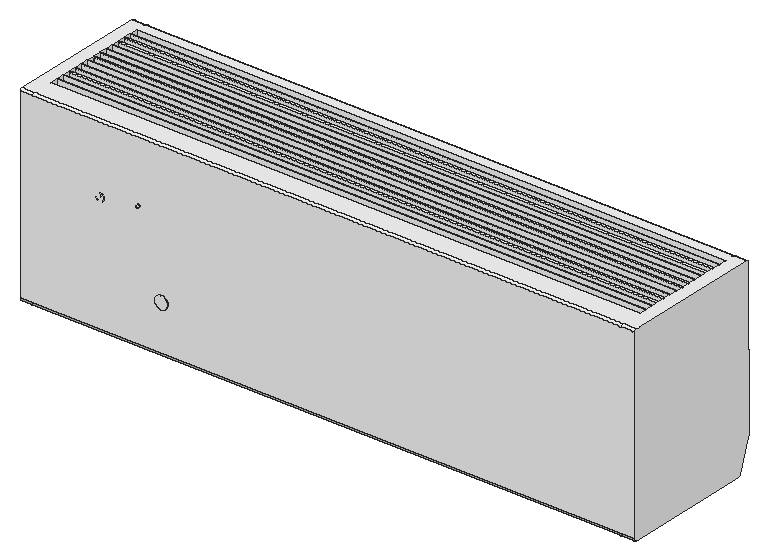
Revit family "Gree products_Split mural_Mural Design_GMV50", category Equipement de génie climatique, Revit 2019
Family settings
  Hôte = Mur
  Cote de connecteur circulaire = Utiliser le rayon
  Type d'élément = Normal
  Numéro OmniClass = 23.75.70.21.21
  Titre OmniClass = Local Air-Conditioning Units
  Toujours verticalement = Oui
  Couper avec des vides une fois chargée = Non
  Partagée = Non
  Point de calcul de pièce = Non
Parameters (values of type "Split mural GMV5 M Design 50 de Gree Products. 5000 - 5600 W")
  URL = "https://greeproducts.es/gama-productos/industrial/mural-design/"
  Tubería drenaje_R = Tubería drenaje_D / 2  # 10 mm
  Tubería drenaje_D = 20 mm
  Símbolo_Texto modelo = yes
  Símbolo = yes
  Sound pressure Minimum = 37
  Sound pressure Maximum = 43
  Refrigerant lines Liquid = 6.35 mm
  Refrigerant lines Gas = 12.7 mm
  Product Code = "3IGR4012"
  Power output Heating = 5600 W
  Power output Cooling = 5000 W
  Poids Net = 12.50 kg
  Poids Brut = 15.50 kg
  Packaging Width = 320 mm
  Packaging Length = 1096 mm
  Packaging Height = 383 mm
  Overall Width = 224 mm
  Overall Length = 970 mm
  Overall Height = 300 mm
  Number of Poles = 1
  Modèle = "GMV5 M Design 50"
  Minimum Voltage = 220 V
  Minimum Air Flow = 500.0 m³/h
  Maximum Voltage = 240 V
  Maximum Air Flow = 850.0 m³/h
  Mat_01 = Gree Products_Metal blanco
  Input current Heating = 0.17 A
  Input current Cooling = 0.17 A
  Gross Weight = 15.50 kg
  Frequency = 50 Hz
  Fabricant = "Gree Products"  # constant formula
  Description = "Dimensiones: 970x300x224 mm. Potencia calorífica 5.6 kW; potencia frigorífica 5 kW; consumo eléctrico 0.035 kW; alimentación monofásica (220 - 240 V / 50 Hz); refrigerante R410A; conexión líquido 1/4 \"; conexión gas 1/2 \"; diámetro exterior tubería de drenaje 20 mm; grosor tubería de drenaje 1.5 mm; caudal de aire 500 ~ 850 m³/h; presión sonora 37 ~ 43 dB(A); peso neto 12.5 kg; peso bruto 15.5 kg."
  Conexión líquido_R = Conexión líquido_D / 2  # 3.2 mm
  Conexión líquido_D = 6.4 mm
  Conexión gas_R = Conexión gas_D / 2  # 6.35 mm
  Conexión gas_D = 12.7 mm
  Condensate tube thickness = 1.5 mm
  Condensate tube outside diameter = 20 mm
  Commentaires du type = "Unidades Interiores GMV.\r\nCaracterísticas principales:\r\n\r\n    De 2,2 kW a 7,1 kW\r\n    Fácil mantenimiento\r\n    Turbo Cooling\r\n    7 Velocidades\r\n    Presión sonora de 30 dB a 44  dB\r\n\r\nLa serie de murales de GMV se moderniza e integra el diseño de la gama doméstica con una estética minimalista y las mejores prestaciones con potencias que van desde 1,5 a 7,1 kW, y con un consumo de tan solo 20 W."  # constant formula
  BC_VARIANT_ID = "243211"
  BC_OBJECT_VERSION = "#1"  # constant formula
  BC_OBJECT_ID = "40361"  # constant formula
  BC_MODEL_ID = "359504"  # constant formula
  Altura colocación = 2300 mm
  Absorbed power at nominal conditions = 35 W
Types (9, lengths in mm): name | Tubería drenaje_R | Tubería drenaje_D | Sound pressure Minimum | Sound pressure Maximum | Refrigerant lines Liquid | Refrigerant lines Gas | Product Code | Power output Heating | Power output Cooling | Poids Net | Poids Brut | Packaging Width | Packaging Length | Packaging Height | Overall Width | Overall Length | Overall Height | Modèle | Minimum Air Flow | Maximum Air Flow | Input current Heating | Input current Cooling | Gross Weight | Description | Conexión líquido_R | Conexión líquido_D | Conexión gas_R | Conexión gas_D | Condensate tube outside diameter | BC_VARIANT_ID | Absorbed power at nominal conditions
  Split mural GMV5 M Design 50 de Gree Products. 5000 - 5600 W | 10 | 20 | 37 | 43 | 6.35 | 12.7 | "3IGR4012" | 5600 W | 5000 W | 12.50 kg | 15.50 kg | 320 | 1096 | 383 | 224 | 970 | 300 | "GMV5 M Design 50" | 500.0 m³/h | 850.0 m³/h | 0.17 A | 0.17 A | 15.50 kg | "Dimensiones: 970x300x224 mm. Potencia calorífica 5.6 kW; potencia frigorífica 5 kW; consumo eléctrico 0.035 kW; alimentación monofásica (220 - 240 V / 50 Hz); refrigerante R410A; conexión líquido 1/4 \"; conexión gas 1/2 \"; diámetro exterior tubería de drenaje 20 mm; grosor tubería de drenaje 1.5 mm; caudal de aire 500 ~ 850 m³/h; presión sonora 37 ~ 43 dB(A); peso neto 12.5 kg; peso bruto 15.5 kg." | 3.2 | 6.4 | 6.35 | 12.7 | 20 | "243211" | 35 W
  Split mural GMV5 M Design 71 de Gree Products. 7100 - 7500 W | 15 | 30 | 37 | 44 | 9.53 | 15.88 | "3IGR4015" | 7500 W | 7100 W | 16.00 kg | 19.00 kg | 350 | 1203 | 413 | 246 | 1078 | 325 | "GMV5 M Design 71" | 650.0 m³/h | 1200.0 m³/h | 0.31 A | 0.31 A | 19.00 kg | "Dimensiones: 1078x325x246 mm. Potencia calorífica 7.5 kW; potencia frigorífica 7.1 kW; consumo eléctrico 0.065 kW; alimentación monofásica (220 - 240 V / 50 Hz); refrigerante R410A; conexión líquido 3/8 \"; conexión gas 5/8 \"; diámetro exterior tubería de drenaje 30 mm; grosor tubería de drenaje 1.5 mm; caudal de aire 650 ~ 1100 m³/h; presión sonora 37 ~ 44 dB(A); peso neto 16 kg; peso bruto 19 kg." | 4.75 | 9.5 | 7.95 | 15.9 | 30 | "243210" | 65 W
  Split mural GMV5 M Design 63 de Gree Products. 6300 - 7100 W | 15 | 30 | 37 | 43 | 9.53 | 15.88 | "3IGR4014" | 7100 W | 6300 W | 16.00 kg | 19.00 kg | 350 | 1203 | 413 | 246 | 1078 | 325 | "GMV5 M Design 63" | 650.0 m³/h | 1100.0 m³/h | 0.24 A | 0.24 A | 19.00 kg | "Dimensiones: 1078x325x246 mm. Potencia calorífica 7.1 kW; potencia frigorífica 6.3 kW; consumo eléctrico 0.05 kW; alimentación monofásica (220 - 240 V / 50 Hz); refrigerante R410A; conexión líquido 3/8 \"; conexión gas 5/8 \"; diámetro exterior tubería de drenaje 30 mm; grosor tubería de drenaje 1.5 mm; caudal de aire 650 ~ 1100 m³/h; presión sonora 37 ~ 43 dB(A); peso neto 16 kg; peso bruto 19 kg." | 4.75 | 9.5 | 7.95 | 15.9 | 30 | "243212" | 50 W
  Split mural GMV5 M Design 56 de Gree Products. 5600 - 6300 W | 15 | 30 | 37 | 43 | 9.53 | 15.88 | "3IGR4013" | 6300 W | 5600 W | 16.00 kg | 19.00 kg | 350 | 1203 | 413 | 246 | 1078 | 325 | "GMV5 M Design 56" | 650.0 m³/h | 1100.0 m³/h | 0.24 A | 0.24 A | 19.00 kg | "Dimensiones: 1078x325x246 mm. Potencia calorífica 6.3 kW; potencia frigorífica 5.6 kW; consumo eléctrico 0.05 kW; alimentación monofásica (220 - 240 V / 50 Hz); refrigerante R410A; conexión líquido 3/8 \"; conexión gas 5/8 \"; diámetro exterior tubería de drenaje 30 mm; grosor tubería de drenaje 1.5 mm; caudal de aire 650 ~ 1100 m³/h; presión sonora 37 ~ 43 dB(A); peso neto 16 kg; peso bruto 19 kg." | 4.75 | 9.5 | 7.95 | 15.9 | 30 | "243213" | 50 W
  Split mural GMV5 M Design 45 de Gree Products. 4500 - 5000 W | 10 | 20 | 37 | 43 | 6.35 | 12.7 | "3IGR4011" | 5000 W | 4500 W | 12.50 kg | 15.50 kg | 320 | 1096 | 383 | 224 | 970 | 300 | "GMV5 M Design 45" | 500.0 m³/h | 850.0 m³/h | 0.17 A | 0.17 A | 15.50 kg | "Dimensiones: 970x300x224 mm. Potencia calorífica 5 kW; potencia frigorífica 4.5 kW; consumo eléctrico 0.035 kW; alimentación monofásica (220 - 240 V / 50 Hz); refrigerante R410A; conexión líquido 1/4 \"; conexión gas 1/2 \"; diámetro exterior tubería de drenaje 20 mm; grosor tubería de drenaje 1.5 mm; caudal de aire 500 ~ 850 m³/h; presión sonora 37 ~ 43 dB(A); peso neto 12.5 kg; peso bruto 15.5 kg." | 3.2 | 6.4 | 6.35 | 12.7 | 20 | "243215" | 35 W
  Split mural GMV5 M Design 36 de Gree Products. 3600 - 4000 W | 10 | 20 | 31 | 38 | 6.35 | 12.7 | "3IGR4010" | 4000 W | 3600 W | 10.00 kg | 12.50 kg | 281 | 976 | 379 | 209 | 845 | 289 | "GMV5 M Design 36" | 320.0 m³/h | 630.0 m³/h | 0.12 A | 0.12 A | 12.50 kg | "Dimensiones: 845x289x209 mm. Potencia calorífica 4 kW; potencia frigorífica 3.6 kW; consumo eléctrico 0.025 kW; alimentación monofásica (220 - 240 V / 50 Hz); refrigerante R410A; conexión líquido 1/4 \"; conexión gas 1/2 \"; diámetro exterior tubería de drenaje 20 mm; grosor tubería de drenaje 1.5 mm; caudal de aire 320 ~ 630 m³/h; presión sonora 31 ~ 38 dB(A); peso neto 10 kg; peso bruto 12.5 kg." | 3.2 | 6.4 | 6.35 | 12.7 | 20 | "243216" | 25 W
  Split mural GMV5 M Design 28 de Gree Products. 2800 - 3200 W | 10 | 20 | 30 | 35 | 6.35 | 9.53 | "3IGR4009" | 3200 W | 2800 W | 10.00 kg | 12.50 kg | 281 | 976 | 379 | 209 | 845 | 289 | "GMV5 M Design 28" | 300.0 m³/h | 500.0 m³/h | 0.1 A | 0.1 A | 12.50 kg | "Dimensiones: 845x289x209 mm. Potencia calorífica 3.2 kW; potencia frigorífica 2.8 kW; consumo eléctrico 0.02 kW; alimentación monofásica (220 - 240 V / 50 Hz); refrigerante R410A; conexión líquido 1/4 \"; conexión gas 3/8 \"; diámetro exterior tubería de drenaje 20 mm; grosor tubería de drenaje 1.5 mm; caudal de aire 300 ~ 500 m³/h; presión sonora 30 ~ 55 dB(A); peso neto 10 kg; peso bruto 12.5 kg." | 3.2 | 6.4 | 4.75 | 9.5 | 20 | "243217" | 20 W
  Split mural GMV5 M Design 22 de Gree Products. 2200 - 2500 W | 10 | 20 | 30 | 35 | 6.35 | 9.53 | "3IGR4008" | 2500 W | 2200 W | 10.00 kg | 12.50 kg | 281 | 976 | 379 | 209 | 845 | 289 | "GMV5 M Design 22" | 300.0 m³/h | 500.0 m³/h | 0.1 A | 0.1 A | 12.50 kg | "Dimensiones: 845x289x209 mm. Potencia calorífica 2.5 kW; potencia frigorífica 2.2 kW; consumo eléctrico 0.02 kW; alimentación monofásica (220 - 240 V / 50 Hz); refrigerante R410A; conexión líquido 1/4 \"; conexión gas 3/8 \"; diámetro exterior tubería de drenaje 20 mm; grosor tubería de drenaje 1.5 mm; caudal de aire 300 ~ 500 m³/h; presión sonora 30 ~ 55 dB(A); peso neto 10 kg; peso bruto 12.5 kg." | 3.2 | 6.4 | 4.75 | 9.5 | 20 | "243214" | 20 W
  Split mural GMV5 M Design 15 de Gree Products. 1500 - 2000 W | 10 | 20 | 30 | 35 | 6.35 | 9.53 | "3IGR4017" | 2000 W | 1500 W | 10.00 kg | 12.50 kg | 281 | 976 | 379 | 209 | 845 | 289 | "GMV5 M Design 15" | 300.0 m³/h | 500.0 m³/h | 0.1 A | 0.1 A | 12.50 kg | "Dimensiones: 845x289x209 mm. Potencia calorífica 2 kW; potencia frigorífica 1.5 kW; consumo eléctrico 0.02 kW; alimentación monofásica (220 - 240 V / 50 Hz); refrigerante R410A; conexión líquido 1/4 \"; conexión gas 3/8 \"; diámetro exterior tubería de drenaje 20 mm; grosor tubería de drenaje 1.5 mm; caudal de aire 300 ~ 500 m³/h; presión sonora 30 ~ 55 dB(A); peso neto 10 kg; peso bruto 12.5 kg." | 3.2 | 6.4 | 4.75 | 9.5 | 20 | "253511" | 20 W
Reference planes
  plane 1 "Muro": y = 0
  plane 2 "Centro (Izquierda/Derecha)": x = 0
  plane 3 "Posterior": y = 75
  plane 4: z = 2300
  plane 5: z = 2600
  plane 6: x = 485
  plane 7: x = -485
  plane 8: y = 299
  plane 9: x = 465
  plane 10: x = -465
  plane 11: y = 279
Forms (mm)
  Extrusion 1, solid, material "Gree Products_Metal blanco" <- "Mat_01", detail levels medium+fine
    sketch origin (465, 75, 2585.045) x (0, 0, -1) y (1, 0, 0)
      loop
        circle (93.99, -824.123) r 6.35
      loop
        circle (85.45, -764.94) r 3.2
      loop
        circle (209.636, -727.451) r 10
    from 0 to -23.194
  Extrusion 2, solid, material "Gree Products_Metal blanco" <- "Mat_01", detail levels medium+fine
    sketch origin (465, 225, 2891.514) x (0, 0, 1) y (0, 1, 0)
      loop
        arc (-591.514, -146.464) -> (-590.478, -148.964) -> (-587.978, -150) r 3.536
        line (-587.978, -150) -> (-295.049, -150)
        arc (-295.049, -150) -> (-292.549, -148.964) -> (-291.514, -146.464) r 3.536
        line (-291.514, -146.464) -> (-291.514, -114.051) -> (-306.514, -114.051) -> (-306.514, -103.443) -> (-291.514, -103.443) -> (-291.514, -101.94) -> (-306.514, -101.94) -> (-306.514, -91.332) -> (-291.514, -91.332) -> (-291.514, -89.829) -> (-306.514, -89.829) -> (-306.514, -79.221) -> (-291.514, -79.221) -> (-291.514, -77.718) -> (-306.514, -77.718) -> (-306.514, -67.11) -> (-291.514, -67.11) -> (-291.514, -65.607) -> (-306.514, -65.607) -> (-306.514, -54.999) -> (-291.514, -54.999) -> (-291.514, -53.496) -> (-306.514, -53.496) -> (-306.514, -42.888) -> (-291.514, -42.888) -> (-291.514, -41.385) -> (-306.514, -41.385) -> (-306.514, -30.777) -> (-291.514, -30.777) -> (-291.514, -29.274) -> (-306.514, -29.274) -> (-306.514, -18.666) -> (-291.514, -18.666) -> (-291.514, -17.163) -> (-306.514, -17.163) -> (-306.514, -6.555) -> (-291.514, -6.555) -> (-291.514, -5.052) -> (-306.514, -5.052) -> (-306.514, 5.556) -> (-291.514, 5.556) -> (-291.514, 7.059) -> (-306.514, 7.059) -> (-306.514, 17.667) -> (-291.514, 17.667) -> (-291.514, 19.17) -> (-306.514, 19.17) -> (-306.514, 29.778) -> (-291.514, 29.778) -> (-291.514, 31.281) -> (-306.514, 31.281) -> (-306.514, 41.889) -> (-291.514, 41.889) -> (-291.514, 43.392) -> (-306.514, 43.392) -> (-306.514, 54) -> (-291.514, 54) -> (-291.514, 70.464)
        arc (-291.514, 70.464) -> (-292.549, 72.964) -> (-295.049, 74) r 3.536
        line (-295.049, 74) -> (-539.45, 74)
        arc (-539.45, 74) -> (-540.993, 73.652) -> (-542.507, 73.193) r 21.566
        line (-542.507, 73.193) -> (-587.978, 57.536)
        arc (-587.978, 57.536) -> (-590.019, 56.04) -> (-591.514, 54) r 8.298
        line (-591.514, 54) -> (-591.514, -146.464)
    from 0 to 930
  Extrusion 3, solid, material "Gree Products_Metal blanco" <- "Mat_01", detail levels medium+fine
    sketch origin (465, 225, 2891.514) x (0, 0, 1) y (0, 1, 0)
      loop
        arc (-295.049, -150) -> (-292.549, -148.964) -> (-291.514, -146.464) r 3.536
        line (-291.514, -146.464) -> (-291.514, 70.464)
        arc (-291.514, 70.464) -> (-292.549, 72.964) -> (-295.049, 74) r 3.536
        line (-295.049, 74) -> (-539.45, 74)
        arc (-539.45, 74) -> (-540.993, 73.652) -> (-542.507, 73.193) r 21.566
        line (-542.507, 73.193) -> (-587.978, 57.536)
        arc (-587.978, 57.536) -> (-590.019, 56.04) -> (-591.514, 54) r 8.298
        line (-591.514, 54) -> (-591.514, -146.464)
        arc (-591.514, -146.464) -> (-590.478, -148.964) -> (-587.978, -150) r 3.536
        line (-587.978, -150) -> (-295.049, -150)
    from 0 to -20
  Extrusion 4, solid, material "Gree Products_Metal blanco" <- "Mat_01", detail levels medium+fine
    sketch origin (-411.5, 225, 2891.514) x (0, 0, 1) y (0, -1, 0)
      loop
        line (-295.049, 150) -> (-587.978, 150)
        arc (-587.978, 150) -> (-590.478, 148.964) -> (-591.514, 146.464) r 3.536
        line (-591.514, 146.464) -> (-591.514, -54)
        arc (-591.514, -54) -> (-590.019, -56.04) -> (-587.978, -57.536) r 8.298
        line (-587.978, -57.536) -> (-542.507, -73.193)
        arc (-542.507, -73.193) -> (-540.993, -73.652) -> (-539.45, -74) r 21.566
        line (-539.45, -74) -> (-295.049, -74)
        arc (-295.049, -74) -> (-292.549, -72.964) -> (-291.514, -70.464) r 3.536
        line (-291.514, -70.464) -> (-291.514, 146.464)
        arc (-291.514, 146.464) -> (-292.549, 148.964) -> (-295.049, 150) r 3.536
    from -53.5 to -73.5
Cuts and joins
  joined: Extrusion 2, Extrusion 3, Extrusion 4
Text (mm)
  text "Cara de colocación" at (-1820.995, 1116.779, 0), in view "Nivel de referencia"
  text "Cara de colocación" at (0, 1455.271, 2976.191), in view "Izquierda"
  text "Cara de colocación" at (0, 439.194, 2944.362), in view "Derecha"
Dimensions and locks
  locked: plane 3 "Posterior" to host wall
  "Altura colocación": level to plane 4
  "Overall Height": plane 4 to plane 5
  equal spacing: plane 7, plane 2 "Centro (Izquierda/Derecha)", plane 6
  "Overall Length": plane 7 to plane 6
  "Overall Width": plane 3 "Posterior" to plane 8
  locked: plane 10 to plane 7 at 20
  locked: plane 9 to plane 6 at 20
  locked: plane 8 to plane 11 at 20
  locked: Extrusion 2 sketch curve to plane 11 at 168.051
  "Conexión gas_R": radius of Extrusion 1 sketch curve
  "Conexión líquido_R": radius of Extrusion 1 sketch curve
  "Tubería drenaje_R": radius of Extrusion 1 sketch curve
  aligned and locked: plane 1 "Muro" to host wall
  aligned and locked: plane 4 to Extrusion 2 sketch curve
  aligned and locked: Extrusion 2 sketch curve to plane 8
  aligned and locked: plane 10 to Extrusion 2
  aligned and locked: plane 5 to Extrusion 2 sketch curve
  aligned and locked: Extrusion 3 sketch curve to Extrusion 2
  aligned and locked: host wall to Extrusion 3 sketch curve
  aligned and locked: Extrusion 3 sketch curve to plane 8
  aligned and locked: Extrusion 3 sketch curve to plane 5
  aligned and locked: Extrusion 3 to plane 6
  aligned and locked: Extrusion 4 to plane 7
  aligned and locked: Extrusion 4 to plane 10
  aligned and locked: Extrusion 4 sketch curve to host wall
  aligned and locked: Extrusion 4 sketch curve to plane 4
  aligned and locked: plane 8 to Extrusion 4 sketch curve
  aligned and locked: plane 5 to Extrusion 4 sketch curve
  aligned and locked: nested 2 to plane 2 "Centro (Izquierda/Derecha)"
Automatic sketch dimensions
  Extrusion 4 sketch curve to plane 11 = 0 mm
  Extrusion 4 sketch curve to Extrusion 4 sketch curve = 3.536 mm
  plane 4 to Extrusion 4 sketch curve = 3.536 mm
  plane 4 to Extrusion 4 sketch curve = 7.363 mm
  Extrusion 4 sketch curve to plane 8 = 0.807 mm
  Extrusion 4 sketch curve to Extrusion 4 sketch curve = 41.644 mm
  Extrusion 4 sketch curve to Extrusion 4 sketch curve = 3.057 mm
  Extrusion 4 sketch curve to plane 11 = 1.199 mm
  Extrusion 4 sketch curve to plane 5 = 3.536 mm  (x2)
  plane 11 to Extrusion 4 sketch curve = 3.536 mm
  Extrusion 3 sketch curve to plane 11 = 0 mm
  host wall to Extrusion 3 sketch curve = 3.536 mm
  plane 4 to Extrusion 3 sketch curve = 3.536 mm
  plane 4 to Extrusion 3 sketch curve = 7.363 mm
  Extrusion 3 sketch curve to plane 8 = 0.807 mm
  Extrusion 3 sketch curve to Extrusion 3 sketch curve = 41.644 mm
  Extrusion 3 sketch curve to Extrusion 3 sketch curve = 3.057 mm
  Extrusion 3 sketch curve to plane 11 = 1.199 mm
  Extrusion 3 sketch curve to plane 5 = 3.536 mm  (x2)
  Extrusion 3 sketch curve to plane 11 = 3.827 mm
  Extrusion 2 sketch curve to host wall = 0 mm
  Extrusion 2 sketch curve to plane 5 = 0 mm  (x14)
  Extrusion 2 sketch curve to plane 11 = 0 mm  (x2)
  host wall to Extrusion 2 sketch curve = 3.536 mm  (x2)
  plane 4 to Extrusion 2 sketch curve = 3.536 mm
  plane 4 to Extrusion 2 sketch curve = 7.363 mm
  Extrusion 2 sketch curve to plane 8 = 0.807 mm
  Extrusion 2 sketch curve to Extrusion 2 sketch curve = 41.644 mm
  Extrusion 2 sketch curve to Extrusion 2 sketch curve = 3.057 mm
  Extrusion 2 sketch curve to plane 11 = 1.199 mm
  Extrusion 2 sketch curve to plane 5 = 15 mm  (x2)
  Extrusion 2 sketch curve to Extrusion 2 sketch curve = 0 mm  (x12)
  Extrusion 2 sketch curve to plane 5 = 3.536 mm
  Extrusion 2 sketch curve to Extrusion 2 sketch curve = 10.608 mm  (x13)
  Extrusion 2 sketch curve to Extrusion 2 sketch curve = 1.503 mm  (x13)
  Extrusion 2 sketch curve to plane 11 = 3.827 mm
  Extrusion 1 sketch curve to plane 5 = 100.404 mm
  Extrusion 1 sketch curve to Extrusion 1 sketch curve = 8.54 mm
  plane 4 to Extrusion 1 sketch curve = 75.41 mm
  Extrusion 1 sketch curve to plane 10 = 105.877 mm
  Extrusion 1 sketch curve to Extrusion 1 sketch curve = 59.182 mm
  Extrusion 1 sketch curve to Extrusion 1 sketch curve = 37.489 mm
Nested families
  nested 1: "S_Split mural_Gree Products" at (0, 167.112, 0), visible <- "Símbolo", type "S_Split mural_Gree Products", detail levels coarse
  nested 2: "Logo Gree Products_acero" at (0, 299, 2404) x (-1, 0, 0) z (0, 1, 0), type "Logo Gree Products_acero", detail levels fine
Connectors
  piping at (-359.123, 75, 2491.056), diameter 12.7, driven by "Conexión gas_R"
    settings: on Extrusion 1, index 1, connector inside diameter 609.6 mm, connector length 0 mm, flow factor 0, pipe flow 0.0 L/s, pressure drop 0.0 Pa, fitting loss kfactor 0, connector angle 0.00°, fixture units 0, engagement length 0 mm, angle of deflection 0.00°, flow configuration 2, flow direction 1, fitting loss method 0, system type 22, joint type 0, gender type 0, connector reference index -1, connector utility 0, adjustable connector no, is connector primary yes, connector description "Conexión gas"
  piping at (-299.94, 75, 2499.596), diameter 6.4, driven by "Conexión líquido_R"
    settings: on Extrusion 1, index 2, connector inside diameter 609.6 mm, connector length 0 mm, flow factor 0, pipe flow 0.0 L/s, pressure drop 0.0 Pa, fitting loss kfactor 0, connector angle 0.00°, fixture units 0, engagement length 0 mm, angle of deflection 0.00°, flow configuration 2, flow direction 0, fitting loss method 0, system type 22, joint type 0, gender type 0, connector reference index -1, connector utility 0, adjustable connector no, is connector primary no, connector description "Conexión líquido"
  piping at (-262.451, 75, 2375.41), diameter 20, driven by "Tubería drenaje_R"
    settings: on Extrusion 1, index 3, connector inside diameter 609.6 mm, connector length 0 mm, flow factor 0, pipe flow 0.0 L/s, pressure drop 0.0 Pa, fitting loss kfactor 0, connector angle 0.00°, fixture units 0, engagement length 0 mm, angle of deflection 0.00°, flow configuration 2, flow direction 2, fitting loss method 0, system type 22, joint type 0, gender type 0, connector reference index -1, connector utility 0, adjustable connector no, is connector primary no, connector description "Tubería drenaje"
  electrical at (0, 75, 2450)
    settings: on cut or joined group of Extrusion 2, Extrusion 3, Extrusion 4, index 4, voltage 230 V, apparent load 20 VA, apparent load phase1 0 VA, apparent load phase2 0 VA, apparent load phase3 0 VA, power factor 1, load classification "Climatización", number of poles 1, system type 30, power factor state 1, is connector primary yes, connector utility no, sub classification motor no, connector description "Conector eléctrico"
Definition of nested family "Logo Gree Products_acero"
  Parameters
    Default Elevation = 1219.2 mm
  Reference planes
    plane 1 "Centro (Frontal/Posterior)": y = 0
    plane 2: z = 0
    plane 3 "Centro (Izquierda/Derecha)": x = 0
  Forms (mm)
    Extrusion 1, solid
      sketch origin (0, 0, 0) x (1, 0, 0) y (0, 1, 0)
        loop
          line (-1219.2, 1219.2) -> (-1219.2, -1219.2) -> (1219.2, -1219.2) -> (1219.2, 1219.2) -> (-1219.2, 1219.2)
      from 0 to -304.8
    Extrusion 2, solid
      sketch origin (-2271.376, -1703.764, 0) x (1, 0, 0) y (0, 1, 0)
        loop
          line (2226.038, 1708.007) -> (2242.494, 1708.007)
          arc (2242.494, 1708.007) -> (2227.93, 1716.763) -> (2213.365, 1708.007) r 16.492
          arc (2213.365, 1708.007) -> (2213.621, 1699.713) -> (2219.311, 1693.671) r 11.709
          line (2219.311, 1693.671) -> (2226.038, 1708.007)
      from 0 to 5
    Extrusion 3, solid
      sketch origin (-2271.376, -1703.764, 0) x (1, 0, 0) y (0, 1, 0)
        loop
          arc (2225.785, 1705.724) -> (2227.565, 1704.555) -> (2228.375, 1702.584) r 3.604
          arc (2228.375, 1702.584) -> (2228.302, 1700.867) -> (2227.783, 1699.229) r 6.523
          line (2227.783, 1699.229) -> (2224.318, 1691.845)
          arc (2224.318, 1691.845) -> (2232.846, 1692.14) -> (2240.081, 1696.664) r 16.466
          arc (2240.081, 1696.664) -> (2242.579, 1700.865) -> (2243.114, 1705.724) r 11.539
          line (2243.114, 1705.724) -> (2225.785, 1705.724)
      from 0 to 5
    Extrusion 4, solid
      sketch origin (-2271.376, -1703.764, 0) x (1, 0, 0) y (0, 1, 0)
        loop
          line (2274.542, 1709.124) -> (2275.224, 1711.669) -> (2260.647, 1711.669)
          arc (2260.647, 1711.669) -> (2254.591, 1709.769) -> (2250.704, 1704.751) r 10.604
          arc (2250.704, 1704.751) -> (2250.123, 1701.86) -> (2249.928, 1698.918) r 22.316
          arc (2249.928, 1698.918) -> (2251.747, 1694.528) -> (2256.137, 1692.709) r 6.209
          line (2256.137, 1692.709) -> (2267.176, 1692.709)
          arc (2267.176, 1692.709) -> (2269.889, 1693.513) -> (2271.491, 1695.845) r 4.238
          line (2271.491, 1695.845) -> (2273.654, 1703.914) -> (2262.901, 1703.914) -> (2262.237, 1701.435) -> (2267.187, 1701.435) -> (2265.802, 1696.267)
          arc (2265.802, 1696.267) -> (2265.02, 1695.454) -> (2263.933, 1695.155) r 2.127
          line (2263.933, 1695.155) -> (2259.236, 1695.155)
          arc (2259.236, 1695.155) -> (2257.025, 1696.083) -> (2256.138, 1698.31) r 3.099
          arc (2256.138, 1698.31) -> (2256.692, 1702.522) -> (2258.318, 1706.446) r 16.272
          arc (2258.318, 1706.446) -> (2260.077, 1708.4) -> (2262.604, 1709.124) r 4.769
          line (2262.604, 1709.124) -> (2274.542, 1709.124)
        loop
          line (2273.599, 1692.709) -> (2279.775, 1692.709) -> (2284.233, 1709.345) -> (2291.406, 1709.345)
          arc (2291.406, 1709.345) -> (2292.602, 1708.787) -> (2292.943, 1707.513) r 1.56
          arc (2292.943, 1707.513) -> (2291.478, 1704.901) -> (2288.667, 1703.865) r 4.329
          line (2288.667, 1703.865) -> (2284.165, 1703.865) -> (2288.86, 1695.035)
          arc (2288.86, 1695.035) -> (2290.604, 1693.244) -> (2293.037, 1692.668) r 4.473
          line (2293.037, 1692.668) -> (2297.27, 1692.668) -> (2292.575, 1701.498)
          arc (2292.575, 1701.498) -> (2297.278, 1703.639) -> (2298.744, 1708.594) r 6.226
          arc (2298.744, 1708.594) -> (2298.138, 1710.037) -> (2296.902, 1710.995) r 3.078
          arc (2296.902, 1710.995) -> (2295.246, 1711.507) -> (2293.52, 1711.669) r 8.429
          line (2293.52, 1711.669) -> (2278.68, 1711.669) -> (2273.599, 1692.709)
        loop
          line (2321.701, 1711.652) -> (2309.143, 1711.652)
          arc (2309.143, 1711.652) -> (2304.322, 1710.315) -> (2300.879, 1706.687) r 9.36
          arc (2300.879, 1706.687) -> (2299.684, 1701.891) -> (2300.105, 1696.967) r 15.072
          arc (2300.105, 1696.967) -> (2302.168, 1694.077) -> (2305.424, 1692.66) r 6.649
          line (2305.424, 1692.66) -> (2317.55, 1692.66) -> (2318.113, 1695.066) -> (2309.412, 1695.066)
          arc (2309.412, 1695.066) -> (2306.227, 1697.591) -> (2305.775, 1701.63) r 5.287
          line (2305.775, 1701.63) -> (2318.464, 1701.63) -> (2319.255, 1703.816) -> (2306.117, 1703.816)
          arc (2306.117, 1703.816) -> (2307.549, 1707.502) -> (2310.986, 1709.459) r 5.907
          line (2310.986, 1709.459) -> (2321.113, 1709.459) -> (2321.701, 1711.652)
        loop
          line (2343.042, 1711.652) -> (2330.484, 1711.652)
          arc (2330.484, 1711.652) -> (2325.663, 1710.315) -> (2322.219, 1706.687) r 9.36
          arc (2322.219, 1706.687) -> (2321.025, 1701.891) -> (2321.446, 1696.967) r 15.072
          arc (2321.446, 1696.967) -> (2323.509, 1694.077) -> (2326.765, 1692.66) r 6.649
          line (2326.765, 1692.66) -> (2338.891, 1692.66) -> (2339.454, 1695.066) -> (2330.753, 1695.066)
          arc (2330.753, 1695.066) -> (2327.568, 1697.591) -> (2327.116, 1701.63) r 5.287
          line (2327.116, 1701.63) -> (2339.805, 1701.63) -> (2340.596, 1703.816) -> (2327.458, 1703.816)
          arc (2327.458, 1703.816) -> (2328.89, 1707.502) -> (2332.327, 1709.459) r 5.907
          line (2332.327, 1709.459) -> (2342.454, 1709.459) -> (2343.042, 1711.652)
      from 0 to 5
  Dimensions and locks
    aligned and locked: plane 2 to Extrusion 1
    aligned and locked: level to Extrusion 1
Definition of nested family "S_Split mural_Gree Products"
  Parameters (values of type "S_Split mural_Gree Products")
    Texto símbolo = "Split mural"
    Texto modelo = yes
    Modelo = "Split mural"
  Reference planes
    plane 1: y = 0
    plane 2: x = 0
  Lines and regions (mm)
    detail lines
      curve 1: line (-5.873, -1.623, 0) -> (5.873, -1.623, 0)
      curve 2: line (-5.873, 1.623, 0) -> (-5.873, -1.623, 0)
      curve 3: line (5.873, 1.623, 0) -> (-5.873, 1.623, 0)
      curve 4: line (5.873, -1.623, 0) -> (5.873, 1.623, 0)
  Text (mm)
    label "Texto símbolo" at (-0.164, 0.024, 0), shows "Texto símbolo"
    label "Modelo" at (-0.164, -2.884, 0), shows "Modelo", visible <- "Texto modelo"
